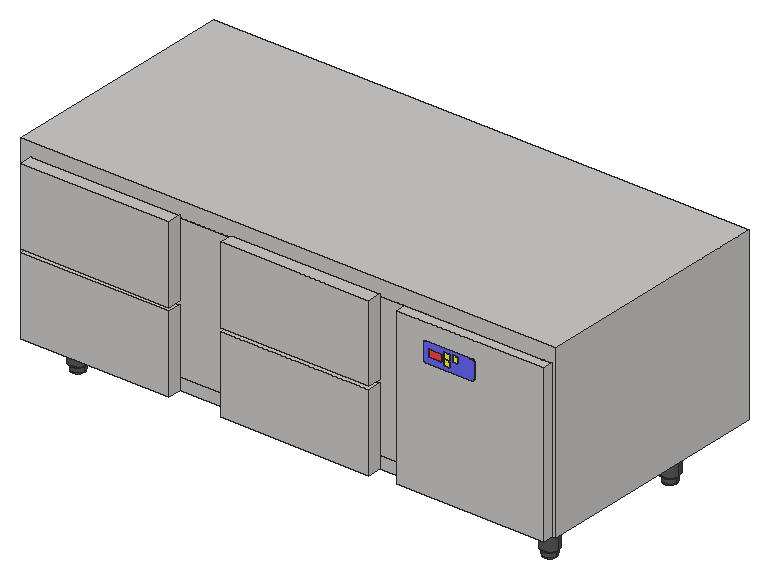
Revit family "QF_CAPIC_CELTIC_W383116", category Equipement spécialisé, Revit 2018
Family settings
  Cote de connecteur circulaire = Utiliser le diamètre
  Type d'élément = Normal
  Numéro OmniClass = 23.40.40.14
  Titre OmniClass = Food Service Equipment
  Basée sur le plan de construction = Non
  Toujours verticalement = Oui
  Couper avec des vides une fois chargée = Non
  Partagée = Non
  Point de calcul de pièce = Non
Parameters (values of type "L=1600mm")
  URL catalogue = "http://www.capic-fr.com/fr/"
  Type de Raccord Plomberie [instance] = ""
  Type de Raccord Electrique [instance] = "Bornier interne"
  Type de Gaz = ""
  Type article [instance] = ""
  Tension = 230 V
  Spécification du Fabricant = ""
  Show Logo = yes
  Remarques evacuation [instance] = "ecoulement condensat sous le meuble"
  Remarques Plomberie [instance] = ""
  Remarques Electricité [instance] = "230V x1 +T"
  Puissance électrique  = 740 W
  Puissance Gaz kW = 0
  Profondeur hors tout = 722 mm
  Pression Maximum Eau Adoucie = 0.0 Pa
  Poids net à vide = 150.00 kg
  Phase = 1
  Modèle = "W383116"
  Longueur hors tout = 1600 mm
  Intensité nominale = 0 A
  Hauteur hors tout = 630 mm
  Hauteur de Raccordement du Sol Finis = 195 mm
  Hauteur de Raccordement Gaz du Sol Finis = 0 mm
  Hauteur de Raccordement Evacuation Directe du Sol Finis = 0 mm
  Hauteur de Raccordement Eau Froide du Sol Finis = 0 mm
  Hauteur de Raccordement Eau Chaude du Sol Finis = 0 mm
  Hauteur de Raccordement Eau Adoucie du Sol Finis = 0 mm
  Fréquence = 50 Hz
  Fabricant = "CAPIC"
  Débit d'air d'extraction = 0.0 m³/h
  Débit Gaz = 0.0 L/s
  Débit Eau Froide = 0.0 L/s
  Débit Eau Chaude = 0.0 L/s
  Débit Eau Adoucie = 0.0 L/s
  Diamètre de Raccordement Gaz = 0 mm
  Diamètre de Raccordement Evacuation = 20 mm
  Diamètre de Raccordement Eau Froide = 0 mm
  Diamètre de Raccordement Eau Chaude = 0 mm
  Diamètre de Raccordement Eau Adoucie = 0 mm
  Description = "4 tiroirs refigérés + groupe"
  Assembly Code = ""
  Classification  Omniclass nombre et titre = "23.40.40.14"
Reference planes
  plane 1 "Centre (avant/arrière)": y = 0
  plane 2: z = 0
  plane 3 "Centre (gauche/droite)": x = 0
  plane 4 "Centre G/E": y = 0
  plane 5: y = -838
  plane 6: x = 1600
  plane 7: x = 1598
  plane 8: x = 2
  plane 9: x = 1565
  plane 10: y = -818
  plane 11: x = 1558
  plane 12: z = 141
  plane 13: x = 42
  plane 14: x = 35
  plane 15: y = -182
  plane 16: z = 621
  plane 17: z = 120
  plane 18: y = -116
  plane 19 "Centre G/G": y = -83
Forms (mm)
  Extrusion 1, solid, material "QF_Stainless Steel-Brushed"
    sketch origin (1480, 0, 0) x (1, 0, 0) y (0, 0, 1)
      loop
        line (-1480, 630) -> (-1480, 120) -> (120, 120) -> (120, 630) -> (-1480, 630)
    from 838 to 116
  Extrusion 2, void
    sketch origin (1480, 0, 0) x (1, 0, 0) y (0, 0, 1)
      loop
        line (-1445, 155.456) -> (85, 155.456) -> (85, 585.456) -> (-1445, 585.456) -> (-1445, 155.456)
    from 838 to 182
  Extrusion 3, void
    sketch origin (1480, 0, 0) x (1, 0, 0) y (0, 1, 0)
      loop
        line (-1445, -182) -> (-1445, -820) -> (85, -820) -> (85, -182) -> (-1445, -182)
    from 120 to 141
  Extrusion 4, solid, material "QF_Stainless Steel-Brushed"
    sketch origin (1480, -838, 0) x (1, 0, 0) y (0, 0, 1)
      loop
        line (-1445, 585.456) -> (-1445, 155.456) -> (85, 155.456) -> (85, 585.456) -> (-1445, 585.456)
    from 0 to -1
  Extrusion 5, solid, material "QF_Stainless Steel-Brushed"
    sketch origin (1480, -838, 0) x (1, 0, 0) y (0, 0, 1)
      loop
        line (-330, 585) -> (-330, 120) -> (110, 120) -> (110, 585) -> (-330, 585)
    from 0 to 30
  Extrusion 6, solid, material "QF_Stainless Steel-Brushed"
    sketch origin (1415.16, -838, 19.9) x (1, 0, 0) y (0, 0, 1)
      loop
        line (-1385.66, 570.1) -> (-1385.66, 340.1) -> (-940.66, 340.1) -> (-940.66, 570.1) -> (-1385.66, 570.1)
    from 0 to 40
  Extrusion 7, solid, material "QF_Stainless Steel-Brushed"
    sketch origin (1415.16, -838, -220.1) x (1, 0, 0) y (0, 0, 1)
      loop
        line (-1385.66, 570.1) -> (-1385.66, 340.1) -> (-940.66, 340.1) -> (-940.66, 570.1) -> (-1385.66, 570.1)
    from 0 to 40
  Extrusion 8, solid, material "QF_Stainless Steel-Brushed"
    sketch origin (2015.16, -838, 19.9) x (1, 0, 0) y (0, 0, 1)
      loop
        line (-1385.66, 570.1) -> (-1385.66, 340.1) -> (-940.66, 340.1) -> (-940.66, 570.1) -> (-1385.66, 570.1)
    from 0 to 40
  Extrusion 9, solid, material "QF_Stainless Steel-Brushed"
    sketch origin (2015.16, -838, -220.1) x (1, 0, 0) y (0, 0, 1)
      loop
        line (-1385.66, 570.1) -> (-1385.66, 340.1) -> (-940.66, 340.1) -> (-940.66, 570.1) -> (-1385.66, 570.1)
    from 0 to 40
Cuts and joins
  Extrusion 2, Extrusion 3 cuts Extrusion 1
Lines and regions (mm)
  model lines
    curve 1: line (197, -878, 570) -> (307, -878, 570)
    curve 2: line (197, -878, 515) -> (197, -878, 570)
    curve 3: line (307, -878, 515) -> (197, -878, 515)
    curve 4: line (307, -878, 570) -> (307, -878, 515)
    curve 5: line (300, -878, 563) -> (204, -878, 563)
    curve 6: line (204, -878, 563) -> (204, -878, 522)
    curve 7: line (300, -878, 522) -> (300, -878, 563)
    curve 8: line (204, -878, 522) -> (300, -878, 522)
    curve 9: line (197, -878, 330) -> (307, -878, 330)
    curve 10: line (197, -878, 275) -> (197, -878, 330)
    curve 11: line (307, -878, 275) -> (197, -878, 275)
    curve 12: line (307, -878, 330) -> (307, -878, 275)
    curve 13: line (300, -878, 323) -> (204, -878, 323)
    curve 14: line (204, -878, 323) -> (204, -878, 282)
    curve 15: line (300, -878, 282) -> (300, -878, 323)
    curve 16: line (204, -878, 282) -> (300, -878, 282)
    curve 17: line (1170, -868, 361.312) -> (1570, -868, 361.312)
    curve 18: line (1170, -868, 140) -> (1170, -868, 361.312)
    curve 19: line (1570, -868, 140) -> (1170, -868, 140)
    curve 20: line (1570, -868, 361.312) -> (1570, -868, 140)
    curve 21: line (1170, -868, 346.312) -> (1570, -868, 346.312)
    curve 22: line (1170, -868, 331.312) -> (1570, -868, 331.312)
    curve 23: line (1170, -868, 316.312) -> (1570, -868, 316.312)
    curve 24: line (1170, -868, 301.312) -> (1570, -868, 301.312)
    curve 25: line (1170, -868, 286.312) -> (1570, -868, 286.312)
    curve 26: line (1170, -868, 271.312) -> (1570, -868, 271.312)
    curve 27: line (1170, -868, 256.312) -> (1570, -868, 256.312)
    curve 28: line (1170, -868, 241.312) -> (1570, -868, 241.312)
    curve 29: line (1170, -868, 226.312) -> (1570, -868, 226.312)
    curve 30: line (1170, -868, 211.312) -> (1570, -868, 211.312)
    curve 31: line (1170, -868, 196.312) -> (1570, -868, 196.312)
    curve 32: line (1170, -868, 181.312) -> (1570, -868, 181.312)
    curve 33: line (1170, -868, 166.312) -> (1570, -868, 166.312)
    curve 34: line (1170, -868, 151.312) -> (1570, -868, 151.312)
    curve 35: line (797, -878, 570) -> (907, -878, 570)
    curve 36: line (797, -878, 515) -> (797, -878, 570)
    curve 37: line (907, -878, 515) -> (797, -878, 515)
    curve 38: line (907, -878, 570) -> (907, -878, 515)
    curve 39: line (900, -878, 563) -> (804, -878, 563)
    curve 40: line (804, -878, 563) -> (804, -878, 522)
    curve 41: line (900, -878, 522) -> (900, -878, 563)
    curve 42: line (804, -878, 522) -> (900, -878, 522)
    curve 43: line (797, -878, 330) -> (907, -878, 330)
    curve 44: line (797, -878, 275) -> (797, -878, 330)
    curve 45: line (907, -878, 275) -> (797, -878, 275)
    curve 46: line (907, -878, 330) -> (907, -878, 275)
    curve 47: line (900, -878, 323) -> (804, -878, 323)
    curve 48: line (804, -878, 323) -> (804, -878, 282)
    curve 49: line (900, -878, 282) -> (900, -878, 323)
    curve 50: line (804, -878, 282) -> (900, -878, 282)
Dimensions and locks
  locked: plane 9 to plane 6 at 35
  locked: plane 10 to plane 5 at 20
  "Profondeur hors tout": plane 5 to plane 18
  locked: plane 7 to plane 6 at 2
  locked: plane 3 "Centre (gauche/droite)" to plane 8 at 2
  "Longueur hors tout": plane 3 "Centre (gauche/droite)" to plane 6
  locked: plane 3 "Centre (gauche/droite)" to plane 14 at 35
  locked: plane 3 "Centre (gauche/droite)" to plane 13 at 42
  locked: plane 11 to plane 6 at 42
  locked: plane 15 to plane 5 at 656
  plane 12 to plane 17 to plane 2 = 21 mm locked, 120 mm locked
  aligned and locked: level to plane 2
  aligned and locked: Extrusion 1 to Extrusion 2
  aligned and locked: cut or joined group of Extrusion 1, Extrusion 2, Extrusion 3 to plane 5
  aligned and locked: nested 1 to plane 12
  aligned and locked: nested 2 to plane 12
  aligned and locked: nested 2 to plane 13
  aligned and locked: nested 1 to plane 13
  aligned and locked: nested 3 to plane 11
  aligned and locked: nested 4 to plane 11
  aligned and locked: plane 15 to cut or joined group of Extrusion 1, Extrusion 2, Extrusion 3
  aligned and locked: cut or joined group of Extrusion 1, Extrusion 2, Extrusion 3 to plane 15
  aligned and locked: cut or joined group of Extrusion 1, Extrusion 2, Extrusion 3 to plane 18
  aligned and locked: plane 14 to Extrusion 4 sketch curve
  aligned and locked: plane 17 to Extrusion 5 sketch curve
Automatic sketch dimensions
  Extrusion 1 sketch curve to plane 3 "Centre (gauche/droite)" = 0 mm
  Extrusion 1 sketch curve to plane 6 = 0 mm
  Extrusion 1 sketch curve to plane 17 = 0 mm
  plane 16 to Extrusion 1 sketch curve = 9 mm
  Extrusion 2 sketch curve to plane 14 = 0 mm
  Extrusion 2 sketch curve to plane 9 = 0 mm
  Extrusion 2 sketch curve to plane 12 = 14.456 mm
  Extrusion 2 sketch curve to plane 16 = 35.544 mm
  Extrusion 3 sketch curve to plane 14 = 0 mm
  Extrusion 3 sketch curve to plane 9 = 0 mm
  Extrusion 3 sketch curve to plane 15 = 0 mm
  Extrusion 4 sketch curve to Extrusion 1 = 35 mm
  Extrusion 4 sketch curve to Extrusion 1 = 35.456 mm
  Extrusion 4 sketch curve to Extrusion 1 = 44.544 mm
  Extrusion 5 sketch curve to Extrusion 4 = 415 mm
  Extrusion 4 to Extrusion 5 sketch curve = 25 mm
  Extrusion 5 sketch curve to Extrusion 4 = 0.456 mm
  Extrusion 6 sketch curve to Extrusion 1 = 29.5 mm
  Extrusion 6 sketch curve to Extrusion 6 sketch curve = 445 mm
  Extrusion 6 sketch curve to Extrusion 1 = 240 mm
  Extrusion 6 sketch curve to Extrusion 1 = 40 mm
  curve 1 to Extrusion 6 = 20 mm
  curve 1 to Extrusion 6 = 167.5 mm
  curve 2 to curve 8 = 7 mm
  curve 5 to Extrusion 6 = 27 mm
  curve 5 to curve 5 = 96 mm
  curve 7 to curve 3 = 7 mm
  curve 6 to curve 5 = 41 mm
  curve 3 to curve 6 = 7 mm
  Extrusion 7 sketch curve to Extrusion 1 = 0 mm
  Extrusion 7 sketch curve to Extrusion 1 = 29.5 mm
  Extrusion 7 sketch curve to Extrusion 7 sketch curve = 445 mm
  Extrusion 7 sketch curve to Extrusion 7 sketch curve = 230 mm
  curve 9 to Extrusion 7 = 20 mm
  curve 9 to Extrusion 7 = 167.5 mm
  curve 10 to curve 16 = 7 mm
  curve 13 to Extrusion 7 = 27 mm
  curve 13 to curve 13 = 96 mm
  curve 15 to curve 11 = 7 mm
  curve 14 to curve 13 = 41 mm
  curve 11 to curve 14 = 7 mm
  curve 17 to Extrusion 5 = 20 mm
  curve 20 to Extrusion 5 = 20 mm
  curve 19 to Extrusion 5 = 20 mm
  curve 18 to curve 18 = 221.312 mm
  curve 18 to curve 34 = 11.312 mm
  curve 34 to curve 33 = 15 mm
  curve 33 to curve 32 = 15 mm
  curve 32 to curve 31 = 15 mm
  curve 31 to curve 30 = 15 mm
  curve 30 to curve 29 = 15 mm
  curve 29 to curve 28 = 15 mm
  curve 28 to curve 27 = 15 mm
  curve 27 to curve 26 = 15 mm
  curve 26 to curve 25 = 15 mm
  curve 25 to curve 24 = 15 mm
  curve 24 to curve 23 = 15 mm
  curve 23 to curve 22 = 15 mm
  curve 21 to curve 17 = 15 mm
  Extrusion 8 sketch curve to Extrusion 1 = 240 mm
  Extrusion 8 sketch curve to Extrusion 1 = 629.5 mm
  Extrusion 8 sketch curve to Extrusion 8 sketch curve = 445 mm
  Extrusion 8 sketch curve to Extrusion 1 = 40 mm
  curve 35 to Extrusion 8 = 20 mm
  curve 35 to Extrusion 8 = 167.5 mm
  curve 36 to curve 42 = 7 mm
  curve 39 to Extrusion 8 = 27 mm
  curve 39 to curve 39 = 96 mm
  curve 41 to curve 37 = 7 mm
  curve 40 to curve 39 = 41 mm
  curve 37 to curve 40 = 7 mm
  Extrusion 9 sketch curve to Extrusion 1 = 0 mm
  Extrusion 9 sketch curve to Extrusion 1 = 629.5 mm
  Extrusion 9 sketch curve to Extrusion 9 sketch curve = 445 mm
  Extrusion 9 sketch curve to Extrusion 9 sketch curve = 230 mm
  curve 43 to Extrusion 9 = 20 mm
  curve 43 to Extrusion 9 = 167.5 mm
  curve 44 to curve 50 = 7 mm
  curve 47 to Extrusion 9 = 27 mm
  curve 47 to curve 47 = 96 mm
  curve 49 to curve 45 = 7 mm
  curve 48 to curve 47 = 41 mm
  curve 45 to curve 48 = 7 mm
  Extrusion 3 sketch curve to plane 10 = 2 mm
Nested families
  nested 1: "QF_Details_Pied" at (93.5, -343.5, 0), type "QF_Details_Pied"
  nested 2: "QF_Details_Pied" at (93.5, -793.5, 0), type "QF_Details_Pied"
  nested 3: "QF_Details_Pied" at (1506.5, -343.5, 0), type "QF_Details_Pied"
  nested 4: "QF_Details_Pied" at (1506.5, -793.5, 0), type "QF_Details_Pied"
  nested 5: "QF_Details_CarteCdeDroit" at (1230, -11, -240), type "QF_Details_CarteCdeDroit"
Connectors
  piping at (550, -553, 141), diameter 20
    settings: on Extrusion 3, index 1, connector inside diameter 609.6 mm, connector length 0 mm, flow factor 0, pipe flow 0.0 L/s, pressure drop 0.0 Pa, fitting loss kfactor 0, connector angle 0.00°, fixture units 0, engagement length 0 mm, angle of deflection 0.00°, flow configuration 0, flow direction 0, fitting loss method 0, system type 16, joint type 0, gender type 0, connector reference index -1, connector utility 0, adjustable connector no, is connector primary yes, connector description ""
Definition of nested family "QF_Details_Pied"
  Reference planes
    plane 1 "Centre (avant/arrière)": y = 0
    plane 2: z = 0
    plane 3 "Centre (gauche/droite)": x = 0
  Forms (mm)
    Extrusion 1, solid
      sketch origin (-137.492, 51.5, -340.756) x (1, 0, 0) y (0, 0, 1)
        loop
          line (85.992, 481.756) -> (85.992, 472.756) -> (188.992, 472.756) -> (188.992, 481.756) -> (85.992, 481.756)
      from -51.5 to 51.5
    Revolve 2, solid
      sketch origin (0, 51.5, -9) x (1, 0, 0) y (0, 0, 1)
        loop
          line (0, 141) -> (0, 9) -> (19.21, 9) -> (19.21, 13) -> (20.21, 13) -> (20.21, 26) -> (21.71, 26) -> (26.66, 30.95) -> (26.66, 90.95) -> (31.468, 136.698) -> (36.246, 141) -> (0, 141)
        axis (0, 141) -> (0, 9)
      angle from 0 to 360
  Dimensions and locks
    aligned and locked: level to plane 2
    aligned and locked: Extrusion 1 to Revolve 2 sketch curve
Definition of nested family "QF_Details_CarteCdeDroit"
  Reference planes
    plane 1 "Centre (avant/arrière)": y = 0
    plane 2: z = 0
    plane 3 "Centre (gauche/droite)": x = 0
  Forms (mm)
    Extrusion 1, solid
      sketch origin (0, -857, -12.998) x (1, 0, 0) y (0, 0, 1)
        loop
          arc (7, 787.388) -> (2.05, 785.338) -> (0, 780.388) r 7
          line (0, 780.388) -> (0, 735.388)
          arc (0, 735.388) -> (2.05, 730.439) -> (7, 728.388) r 7
          line (7, 728.388) -> (145, 728.388)
          arc (145, 728.388) -> (149.95, 730.439) -> (152, 735.388) r 7
          line (152, 735.388) -> (152, 780.388)
          arc (152, 780.388) -> (149.95, 785.338) -> (145, 787.388) r 7
          line (145, 787.388) -> (7, 787.388)
        loop
          line (15, 767.388) -> (15, 748.388) -> (54, 748.388) -> (54, 767.388) -> (15, 767.388)
        loop
          line (74, 776.917) -> (61, 776.917) -> (61, 763.917)
          arc (61, 763.917) -> (62.172, 761.089) -> (65, 759.917) r 4
          line (65, 759.917) -> (78, 759.917) -> (78, 772.917)
          arc (78, 772.917) -> (76.828, 775.745) -> (74, 776.917) r 4
        loop
          line (99, 776.917) -> (86, 776.917) -> (86, 763.917)
          arc (86, 763.917) -> (87.172, 761.089) -> (90, 759.917) r 4
          line (90, 759.917) -> (103, 759.917) -> (103, 772.917)
          arc (103, 772.917) -> (101.828, 775.745) -> (99, 776.917) r 4
        loop
          line (74, 756.917) -> (61, 756.917) -> (61, 743.917)
          arc (61, 743.917) -> (62.172, 741.089) -> (65, 739.917) r 4
          line (65, 739.917) -> (78, 739.917) -> (78, 752.917)
          arc (78, 752.917) -> (76.828, 755.745) -> (74, 756.917) r 4
      from 0 to 0.5
    Extrusion 2, solid
      sketch origin (0, -857, 0) x (1, 0, 0) y (0, 0, 1)
        loop
          line (15, 754.391) -> (15, 735.391) -> (54, 735.391) -> (54, 754.391) -> (15, 754.391)
      from 0 to 0.5
    Extrusion 3, solid
      sketch origin (0, -857, 0) x (1, 0, 0) y (0, 0, 1)
        loop
          line (61, 763.919) -> (61, 750.919)
          arc (61, 750.919) -> (62.172, 748.091) -> (65, 746.919) r 4
          line (65, 746.919) -> (78, 746.919) -> (78, 759.919)
          arc (78, 759.919) -> (76.828, 762.748) -> (74, 763.919) r 4
          line (74, 763.919) -> (61, 763.919)
      from 0 to 0.5
    Extrusion 4, solid
      sketch origin (0, -857, -20) x (1, 0, 0) y (0, 0, 1)
        loop
          line (61, 763.919) -> (61, 750.919)
          arc (61, 750.919) -> (62.172, 748.091) -> (65, 746.919) r 4
          line (65, 746.919) -> (78, 746.919) -> (78, 759.919)
          arc (78, 759.919) -> (76.828, 762.748) -> (74, 763.919) r 4
          line (74, 763.919) -> (61, 763.919)
      from 0 to 0.5
    Extrusion 5, solid
      sketch origin (25, -857, 0) x (1, 0, 0) y (0, 0, 1)
        loop
          line (61, 763.919) -> (61, 750.919)
          arc (61, 750.919) -> (62.172, 748.091) -> (65, 746.919) r 4
          line (65, 746.919) -> (78, 746.919) -> (78, 759.919)
          arc (78, 759.919) -> (76.828, 762.748) -> (74, 763.919) r 4
          line (74, 763.919) -> (61, 763.919)
      from 0 to 0.5
  Dimensions and locks
    aligned and locked: level to plane 2
